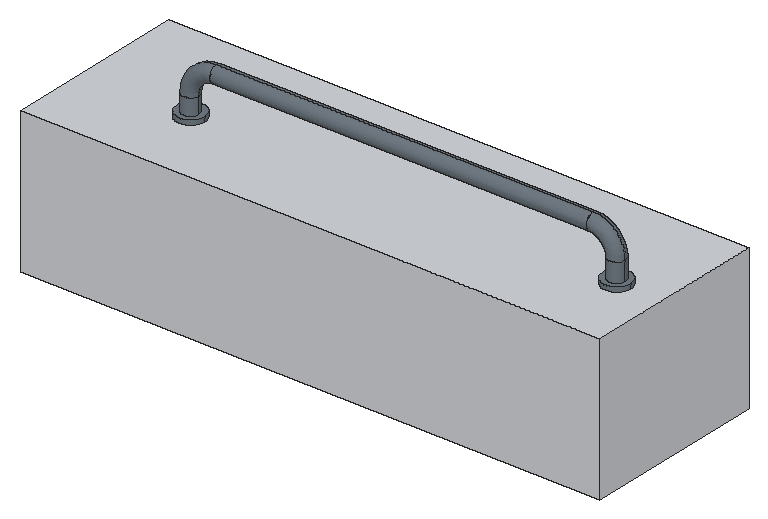
Revit family "ASH_Contour21_S6458_BIM_GB", category Plumbing Fixtures, host Face, Revit 2014
Parameters (values of type "S6458RN - Contour21 Grab Rail 900mm Straight - Charcoal")
  WarrantyStartDate [instance] = "1900-12-31T23:59:59"
  WarrantyGuarantorParts = "Productinfo@thebluebook.co.uk"
  WarrantyGuarantorLabor = "n/a"
  WarrantyDurationUnit = "year"
  WarrantyDurationParts = "5"
  WarrantyDurationLabor = "n/a"
  WarrantyDescription = "Manufacturers Warranty"
  WFU = 0
  VolumeUnits = "Litres"
  Version = "1"
  Uniclass2015Version = "Products v1.1"
  Uniclass2015Title = "Support rails"
  Uniclass2015Code = "Pr_40_20_76_84"
  URL = "www.idealspec.co.uk"
  Type Comments = "n/a"
  TagNumber [instance] = "n/a"
  SustainabilityPerformance = "n/a"
  SpareParts = "www.fastpart-spares.co.uk"
  Space = "Internal"
  Size = "0 x 0 x 0 mm"
  Shape = "Sculptured"
  SerialNumber [instance] = "n/a"
  Revision = "n/a"
  ReplacementCost = "n/a"
  Reference = "n/a"
  ProductInformation = "www.idealspec.co.uk/assets/datasheet/S6458RN"
  Phone = "01543 490 253"
  NominalWidth = 0 mm
  NominalLength = 900 mm
  NominalHeight = 100 mm
  NettWeight = "0.62 Kg"
  Name = "SupportRails_Contour21_S6458RN_ArmitageShanks"
  NBSTypeID = "n/a"
  NBSReference = "45-35-70/360"
  NBSOfficeMasterTag = "n/a"
  NBSNote = "n/a"
  NBSDescription = "Support rails"
  NBSCertification = "n/a"
  ModelReference = Description  # "Contour 21 grab rail straight 90cm long x 35mm diameter"
  ModelNumber = Model  # "S6458RN"
  Model = "S6458RN"
  Material = "Aluminium"
  ManufacturerURL = "www.idealspec.co.uk"
  Manufacturer = "Productinfo@thebluebook.co.uk"
  LinearUnits = "millimeters"
  InstallationInstructions = "www.idealspec.co.uk/resources.html"
  InstallationDate [instance] = "1900-12-31T23:59:59"
  IfcExportType = "FAUCET"
  IfcExportAs = "IfcValveType"
  HWFU = 0
  GrossWeight = "n/a"
  Grade = "n/a"
  GrabRailMtl = ASH_ArmitageShank_Brassware_Charcoal_RN_Render
  Finish = "Chrome"
  Features = "Grab rail straight 90cm long x 35mm diameter"
  ExpectedLife = "30"
  DurationUnit = "year"
  DistributedBy = "n/a"
  Description = "Contour 21 grab rail straight 90cm long x 35mm diameter"
  Default Elevation = 680 mm
  CurrencyUnit = "n/a"
  CreatedOn = "2016-26-09"
  Cost = 0
  Constituents = "n/a"
  ConnectionType = "Plumbing"
  Color = "Charcoal"
  CodePerformance = "n/a"
  Category = "n/a"
  CWFU = 0
  Brand = "Armitage Shanks"
  BarCode = "5017830388463"
  BIMObjectName = "ASH_ArmitageShanks_SupportRails_Contour21_S6458RN"
  Author = "Ideal Standard (UK) Ltd"
  AssetType = "Fixed"
  AssetIdentifier [instance] = "n/a"
  Assembly Code = "C1030200"
  AreaUnits = "millimeters"
  AreaMeasurement = "n/a"
  Accessories = "www.idealspec.co.uk"
  AccessibilityPerformance = "Part-M"
Types (5, lengths in mm): name | ProductInformation | Name | ModelNumber | Model | GrabRailMtl | Color | BarCode | BIMObjectName
  S645836 - Contour21 Grab Rail 900mm Straight - Blue | "www.idealspec.co.uk/assets/datasheet/S645836" | "SupportRails_Contour21_S645836_ArmitageShanks" | "S645836" | "S645836" | ASH_ArmitageShank_Brassware_Blue_36_Render | "Blue" | "5017830384922" | "ASH_ArmitageShanks_SupportRails_Contour21_S645836"
  S6458RN - Contour21 Grab Rail 900mm Straight - Charcoal | "www.idealspec.co.uk/assets/datasheet/S6458RN" | "SupportRails_Contour21_S6458RN_ArmitageShanks" | "S6458RN" | "S6458RN" | ASH_ArmitageShank_Brassware_Charcoal_RN_Render | "Charcoal" | "5017830388463" | "ASH_ArmitageShanks_SupportRails_Contour21_S6458RN"
  S6458LJ - Contour21 Grab Rail 900mm Straight - Light Grey | "www.idealspec.co.uk/assets/datasheet/S6458LJ" | "SupportRails_Contour21_S6458LJ_ArmitageShanks" | "S6458LJ" | "S6458LJ" | ASH_ArmitageShank_Brassware_Grey_LJ_Render | "Grey" | "5017830384601" | "ASH_ArmitageShanks_SupportRails_Contour21_S6458LJ"
  S6458MY - Contour21 Grab Rail 900mm Straight - Stainless Steel | "www.idealspec.co.uk/assets/datasheet/S6458MY" | "SupportRails_Contour21_S6458MY_ArmitageShanks" | "S6458MY" | "S6458MY" | ASH_ArmitageShank_Brassware_Steel_MY_Render | "Stainless Steel finish" | "5017830384281" | "ASH_ArmitageShanks_SupportRails_Contour21_S6458MY"
  S6458AC - Contour21 Grab Rail 900mm Straight - White | "www.idealspec.co.uk/assets/datasheet/S6458AC" | "SupportRails_Contour21_S6458AC_ArmitageShanks" | "S6458AC" | "S6458AC" | ASH_ArmitageShank_Brassware_White_AC_Render | "White" | "5017830383802" | "ASH_ArmitageShanks_SupportRails_Contour21_S6458AC"
Reference planes
  plane 1 "Center (Front/Back)": y = 0
  plane 2: z = 0
  plane 3 "Center (Left/Right)": x = 0
  plane 4: z = 100
  plane 5: y = -60
  plane 6: x = 930
  plane 7: x = 60
  plane 8: x = 30
  plane 9: y = -30
  plane 10: z = 10
Forms (mm)
  Extrusion 1, solid
    sketch origin (-2.122, -192.856, 0) x (1, 0, 0) y (0, 1, 0)
      loop
        line (-197.878, 392.856) -> (-197.878, 0.823) -> (1025.943, 0.823) -> (1025.943, 392.856) -> (-197.878, 392.856)
    from 0 to -304.8
  Extrusion 2, solid, material "ASH_ArmitageShank_Brassware_Charcoal_RN_Render" <- "GrabRailMtl"
    sketch origin (-2.122, -192.856, 0) x (1, 0, 0) y (0, 1, 0)
      loop
        circle (32.122, 162.856) r 30
      loop
        circle (932.122, 162.856) r 30
    from 0 to 10
  Sweep 3, solid, material "ASH_ArmitageShank_Brassware_Charcoal_RN_Render" <- "GrabRailMtl"
    path origin (-47.883, -30, 1219.2) x (-1, 0, 0) y (0, 0, 1)
      loop
        line (-77.883, -1209.2) -> (-77.883, -1174.2)
        arc (-77.883, -1174.2) -> (-93.992, -1135.309) -> (-132.883, -1119.2) r 55
        line (-132.883, -1119.2) -> (-927.883, -1119.2)
        arc (-927.883, -1119.2) -> (-963.238, -1133.845) -> (-977.883, -1169.2) r 50
        line (-977.883, -1169.2) -> (-977.883, -1209.2)
    profile origin (30, -30, 27.5) x (1, 0, 0) y (0, 1, 0)
      loop
        circle (0, 0) r 17.5
Dimensions and locks
  "NominalHeight": plane 4 to level
  Sweep 3 sketch curve to Sweep 3 sketch curve = 900 mm
  "NominalLength": plane 8 to plane 6
  aligned and locked: plane 2 to Extrusion 1
  aligned and locked: level to Extrusion 1
  aligned and locked: Extrusion 2 to plane 10
  aligned and locked: plane 8 to Sweep 3 sketch curve
  aligned and locked: plane 4 to Sweep 3 sketch curve  (x2)
Automatic sketch dimensions
  Extrusion 1 sketch curve to Extrusion 1 sketch curve = 1223.821 mm
  Extrusion 1 sketch curve to Extrusion 1 sketch curve = 392.033 mm
  Sweep 3 sketch curve to plane 9 = 0 mm
  Sweep 3 sketch curve to profile plane = 0 mm
  Extrusion 2 sketch curve to plane 8 = 0 mm
  Extrusion 2 sketch curve to plane 6 = 0 mm
  Extrusion 2 sketch curve to plane 9 = 0 mm  (x2)
  Sweep 3 sketch curve to plane 10 = 0 mm  (x2)
  Sweep 3 sketch curve to plane 7 = 25 mm
  plane 10 to Sweep 3 sketch curve = 40 mm
  radius of Sweep 3 sketch curve = 17.5 mm
  radius of Extrusion 2 sketch curve = 30 mm  (x2)
